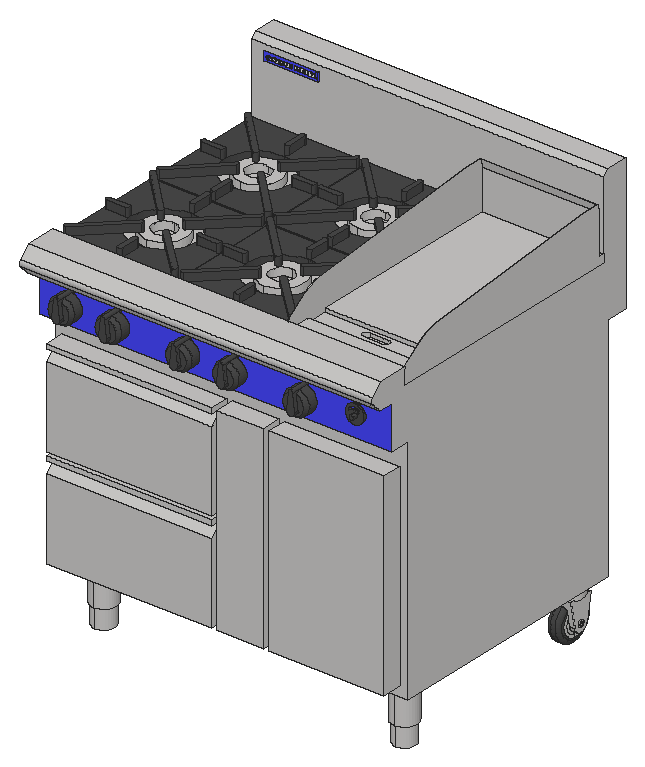
Revit family "QF_MOFFAT_BLUESEAL_CE_G516C-RB", category Specialty Equipment, Revit 2012
Parameters
  Weight in Pounds = 396  # constant formula
  Width [instance] = 900.00 mm  # constant formula
  Watts = 250 W
  Volts = 230 V
  URL Cutsheet = "www.moffat.com"
  URL = "www.moffat.com"
  Type Mark [instance] = ""
  Status [instance] = ""
  Specification by User [instance] = ""
  Specification by Manufacturer = ""
  Show Logo [instance] = yes
  Show Door [instance] = no
  Show Clearance [instance] = yes
  Show Casters [instance] = yes
  Serial Number = ""
  Seismic Rating = ""
  SMACNA No = ""
  Revision Code [instance] = ""
  Refrigerant Type = "R134a"
  Phase = 1
  Omniclass Number and Title = ""
  Number of Poles = 1
  NAFEM Spec ID Number = ""
  Model = "G516C-RB"
  Min Ckt Ampacity = 0 A
  Mechanical Remarks = ""
  Mechanical Connection Type = ""
  Max Overcurrent Protection = 0 A
  Masterspec = ""
  Manufacturer = "MOFFAT BLUESEAL"
  Legs [instance] = not(Show Casters)  # no
  Item Number [instance] = ""
  Installed By [instance] = ""
  Identify Quantity as Lot [instance] = yes
  HP = ""
  Gas Size = 3/4"
  Gas RI Height = 0.00 mm
  Gas KW = 36.6
  Gas Input = 125111.0 Btu/h
  Gas Connection Height = 0.00 mm
  Furnished By [instance] = ""
  Foodservice Equipment Identifier [instance] = yes
  FL Amps = 1.8 A
  Elec Conn RI Height = 0.00 mm
  Elec Conn Connection Height = 0.00 mm
  Drawer Clearance [instance] = and(Show Clearance, and(Drawer))  # yes
  Drawer [instance] = not(Show Door)  # yes
  Door Clearance [instance] = and(Show Clearance, and(Show Door))  # no
  Description = "900MM GAS COOK TOP ON REFRIGERATED BASE"
  Depth [instance] = 812.00 mm  # constant formula
  Cycle = 50 Hz
  Conn Plug = ""
  Conn Conduit = yes
  CSI MasterFormat = ""
  CSI Master Format = ""
  Back Splash [instance] = 215.00 mm  # constant formula
  Apparent Power = if(Phase = 3, Volts * FL Amps * 1.73, Volts * FL Amps)  # 414 VA
Reference planes
  plane 1 "BACK": y = 0
  plane 2: z = 0
  plane 3 "LEFT": x = 0
  plane 4 "RIGHT": x = 900
  plane 5 "FRONT": y = -812
  plane 6 "TOP": z = 970
  plane 7 "Center Y": x = 450
  plane 8 "Center X": y = -406
  plane 9 "Base Height": z = 150
  plane 10: z = 915
  plane 11: x = 65
  plane 12: x = 834
  plane 13: y = -625
  plane 14: x = 770
  plane 15: z = 655
  plane 16: y = -32
  plane 17: x = 617
  plane 18: z = 402
  plane 19: z = 1085
  plane 20: y = -100
Forms (mm)
  Extrusion 1, solid, material "QF_Finishes_Stainless Steel"
    sketch origin (0, 0, 0) x (0, 1, 0) y (0, 0, 1)
      loop
        line (-697, 150) -> (-57, 150) -> (-57, 740) -> (0, 740) -> (0, 1085) -> (-57.5, 1085) -> (-70, 1072.5) -> (-70, 875) -> (-705, 875) -> (-705, 915) -> (-783.97, 915) -> (-808.485, 890.485)
        arc (-808.485, 890.485) -> (-811.999, 882) -> (-808.485, 873.515) r 12
        line (-808.485, 873.515) -> (-784.97, 850) -> (-749, 850) -> (-749, 740) -> (-697, 740) -> (-697, 150)
    from 0 to 900
  Revolve 2, solid, material "QF_Finishes_Stainless Steel", visible <- "Legs"
    sketch origin (834, -210, 0) x (0, 1, 0) y (0, 0, -1)
      loop
        line (78.25, -150) -> (110, -150) -> (110, 0) -> (82.5, 0) -> (82.5, -50) -> (78.25, -50) -> (78.25, -150)
      axis (110, -150) -> (110, 0)
    angle from 0 to 360
  Revolve 3, solid, material "QF_Finishes_Stainless Steel"
    sketch origin (834, -735, 0) x (0, 1, 0) y (0, 0, -1)
      loop
        line (78.25, -150) -> (110, -150) -> (110, 0) -> (82.5, 0) -> (82.5, -50) -> (78.25, -50) -> (78.25, -150)
      axis (110, -150) -> (110, 0)
    angle from 0 to 360
  Revolve 4, solid, material "QF_Finishes_Stainless Steel", visible <- "Legs"
    sketch origin (65, -210, 0) x (0, 1, 0) y (0, 0, -1)
      loop
        line (78.25, -150) -> (110, -150) -> (110, 0) -> (82.5, 0) -> (82.5, -50) -> (78.25, -50) -> (78.25, -150)
      axis (110, -150) -> (110, 0)
    angle from 0 to 360
  Revolve 5, solid, material "QF_Finishes_Stainless Steel"
    sketch origin (65, -735, 0) x (0, 1, 0) y (0, 0, -1)
      loop
        line (78.25, -150) -> (110, -150) -> (110, 0) -> (82.5, 0) -> (82.5, -50) -> (78.25, -50) -> (78.25, -150)
      axis (110, -150) -> (110, 0)
    angle from 0 to 360
  Revolve 6, solid, material "QF_Finishes_Black"
    sketch origin (89.687, 0, 599.987) x (0, 1, 0) y (0, 0, -1)
      loop
        line (-789, -229.5) -> (-766, -229.5) -> (-766, -202) -> (-756, -202) -> (-756, -197) -> (-800, -197) -> (-800, -223.651) -> (-789, -229.5)
      axis (-800, -197) -> (-756, -197)
    angle from 0 to 360
  Extrusion 7, solid, material "QF_Finishes_Black"
    sketch origin (227.957, 0, 600.145) x (-1, 0, 0) y (0, 0, -1)
      loop
        line (127.85, -186.037) -> (133.271, -228.955)
        arc (133.271, -228.955) -> (138.27, -233.842) -> (143.268, -228.955) r 5
        line (143.268, -228.955) -> (148.757, -184.87)
        arc (148.757, -184.87) -> (137.685, -174.371) -> (127.85, -186.037) r 10.487
    from 759 to 808
  Extrusion 8, solid, material "QF_Finishes_Stainless Steel"
    sketch origin (0, -699, 685) x (1, 0, 0) y (0, -1, 0)
      loop
        circle (770, -667) r 13.5
    from -55 to 30
  Extrusion 9, solid, material "QF_Finishes_Stainless Steel"
    sketch origin (0, -57, 685) x (0, 0, 1) y (1, 0, 0)
      loop
        circle (-265, 620) r 13.5
    from 0 to 3.18
  Revolve 10, solid, material "QF_Finishes_Stainless Steel", visible <- "Show Casters"
    sketch origin (485.423, -100.755, -12.798) x (1, 0, 0) y (0, 0, 1)
      loop
        line (314.841, 63.604) -> (383.584, 63.604) -> (383.584, 67.109) -> (382.314, 68.379) -> (380.79, 68.379) -> (380.79, 71.826) -> (368.644, 71.826) -> (368.644, 81.79) -> (365.088, 83.843) -> (363.738, 92.179) -> (365.881, 92.179) -> (365.881, 98.529) -> (365.088, 98.529) -> (365.088, 104.879)
        arc (365.088, 104.879) -> (362.298, 111.614) -> (355.563, 114.404) r 9.525
        line (355.563, 114.404) -> (342.863, 114.404)
        arc (342.863, 114.404) -> (336.127, 111.614) -> (333.338, 104.879) r 9.525
        line (333.338, 104.879) -> (333.338, 98.529) -> (332.544, 98.529) -> (332.544, 92.179) -> (334.687, 92.179) -> (333.352, 83.932) -> (329.782, 81.871) -> (329.782, 71.826) -> (317.635, 71.826) -> (317.635, 68.379) -> (316.111, 68.379) -> (314.841, 67.109) -> (314.841, 63.604)
      axis (314.841, 63.604) -> (383.584, 63.604)
    angle from 0 to 360
  Extrusion 11, solid, material "QF_Finishes_Stainless Steel", visible <- "Show Casters"
    sketch origin (841.147, 132.353, -9.137) x (0, 1, 0) y (0, 0, 1)
      loop
        line (-200.603, 118.783) -> (-264.103, 118.783) -> (-251.746, 53.895)
        arc (-251.746, 53.895) -> (-232.353, 38.783) -> (-212.959, 53.895) r 20
        line (-212.959, 53.895) -> (-200.603, 118.783)
    from -35.667 to 22.923
  Revolve 12, solid, material "QF_Finishes_Stainless Steel", visible <- "Show Casters"
    sketch origin (834.646, -204, -0.354) x (0, 1, 0) y (0, 0, 1)
      loop
        line (68.25, 150) -> (68.25, 110) -> (104, 110) -> (104, 150) -> (68.25, 150)
      axis (104, 150) -> (104, 110)
    angle from 0 to 360
  Revolve 13, solid, material "QF_Finishes_Stainless Steel", visible <- "Show Casters"
    sketch origin (-283.577, -100.755, -12.798) x (1, 0, 0) y (0, 0, 1)
      loop
        line (314.841, 63.604) -> (383.584, 63.604) -> (383.584, 67.109) -> (382.314, 68.379) -> (380.79, 68.379) -> (380.79, 71.826) -> (368.644, 71.826) -> (368.644, 81.79) -> (365.088, 83.843) -> (363.738, 92.179) -> (365.881, 92.179) -> (365.881, 98.529) -> (365.088, 98.529) -> (365.088, 104.879)
        arc (365.088, 104.879) -> (362.298, 111.614) -> (355.563, 114.404) r 9.525
        line (355.563, 114.404) -> (342.863, 114.404)
        arc (342.863, 114.404) -> (336.127, 111.614) -> (333.338, 104.879) r 9.525
        line (333.338, 104.879) -> (333.338, 98.529) -> (332.544, 98.529) -> (332.544, 92.179) -> (334.687, 92.179) -> (333.352, 83.932) -> (329.782, 81.871) -> (329.782, 71.826) -> (317.635, 71.826) -> (317.635, 68.379) -> (316.111, 68.379) -> (314.841, 67.109) -> (314.841, 63.604)
      axis (314.841, 63.604) -> (383.584, 63.604)
    angle from 0 to 360
  Extrusion 14, solid, material "QF_Finishes_Stainless Steel", visible <- "Show Casters"
    sketch origin (72.147, 132.353, -9.137) x (0, 1, 0) y (0, 0, 1)
      loop
        line (-200.603, 118.783) -> (-264.103, 118.783) -> (-251.746, 53.895)
        arc (-251.746, 53.895) -> (-232.353, 38.783) -> (-212.959, 53.895) r 20
        line (-212.959, 53.895) -> (-200.603, 118.783)
    from -35.667 to 22.923
  Revolve 15, solid, material "QF_Finishes_Stainless Steel", visible <- "Show Casters"
    sketch origin (65.646, -204, -0.354) x (0, 1, 0) y (0, 0, 1)
      loop
        line (68.25, 150) -> (68.25, 110) -> (104, 110) -> (104, 150) -> (68.25, 150)
      axis (104, 150) -> (104, 110)
    angle from 0 to 360
  Revolve 16, solid, material "QF_Finishes_Black"
    sketch origin (210, 0, 600) x (0, 1, 0) y (0, 0, -1)
      loop
        line (-789, -229.5) -> (-766, -229.5) -> (-766, -202) -> (-756, -202) -> (-756, -197) -> (-800, -197) -> (-800, -223.651) -> (-789, -229.5)
      axis (-800, -197) -> (-756, -197)
    angle from 0 to 360
  Extrusion 17, solid, material "QF_Finishes_Black"
    sketch origin (348.27, 0, 600.158) x (-1, 0, 0) y (0, 0, -1)
      loop
        line (127.85, -186.037) -> (133.271, -228.955)
        arc (133.271, -228.955) -> (138.27, -233.842) -> (143.268, -228.955) r 5
        line (143.268, -228.955) -> (148.757, -184.87)
        arc (148.757, -184.87) -> (137.685, -174.371) -> (127.85, -186.037) r 10.487
    from 759 to 808
  Revolve 18, solid, material "QF_Finishes_Black"
    sketch origin (389.769, 0, 600) x (0, 1, 0) y (0, 0, -1)
      loop
        line (-789, -229.5) -> (-766, -229.5) -> (-766, -202) -> (-756, -202) -> (-756, -197) -> (-800, -197) -> (-800, -223.651) -> (-789, -229.5)
      axis (-800, -197) -> (-756, -197)
    angle from 0 to 360
  Extrusion 19, solid, material "QF_Finishes_Black"
    sketch origin (528.038, 0, 600.158) x (-1, 0, 0) y (0, 0, -1)
      loop
        line (127.85, -186.037) -> (133.271, -228.955)
        arc (133.271, -228.955) -> (138.27, -233.842) -> (143.268, -228.955) r 5
        line (143.268, -228.955) -> (148.757, -184.87)
        arc (148.757, -184.87) -> (137.685, -174.371) -> (127.85, -186.037) r 10.487
    from 759 to 808
  Revolve 20, solid, material "QF_Finishes_Black"
    sketch origin (689.769, 0, 600) x (0, 1, 0) y (0, 0, -1)
      loop
        line (-789, -229.5) -> (-766, -229.5) -> (-766, -202) -> (-756, -202) -> (-756, -197) -> (-800, -197) -> (-800, -223.651) -> (-789, -229.5)
      axis (-800, -197) -> (-756, -197)
    angle from 0 to 360
  Extrusion 21, solid, material "QF_Finishes_Black"
    sketch origin (828.038, 0, 600.158) x (-1, 0, 0) y (0, 0, -1)
      loop
        line (127.85, -186.037) -> (133.271, -228.955)
        arc (133.271, -228.955) -> (138.27, -233.842) -> (143.268, -228.955) r 5
        line (143.268, -228.955) -> (148.757, -184.87)
        arc (148.757, -184.87) -> (137.685, -174.371) -> (127.85, -186.037) r 10.487
    from 759 to 808
  Extrusion 22, solid, material "QF_Finishes_Black"
    sketch origin (0, -749, 866) x (0, 0, -1) y (1, 0, 0)
      loop
        circle (69, 810) r 23.9
      loop
        arc (57.701, 824.079) -> (51.116, 809.341) -> (58.919, 795.209) r 18.095
        arc (58.919, 795.209) -> (63.641, 796.491) -> (62.326, 801.204) r 3.448
        arc (62.326, 801.204) -> (58.758, 809.683) -> (61.641, 818.419) r 13.109
        arc (61.641, 818.419) -> (62.501, 823.219) -> (57.701, 824.079) r 3.448
    from 0 to 5
  Extrusion 23, solid, material "QF_Finishes_Black"
    sketch origin (0, -754, 866) x (0, 0, -1) y (1, 0, 0)
      loop
        circle (72.5, 810) r 5.75
    from 0 to 10
  Extrusion 24, solid, material "QF_Finishes_Stainless Steel"
    sketch origin (0, 0, 0) x (0, 1, 0) y (0, 0, 1)
      loop
        line (-699, 678) -> (-747, 678) -> (-747, 665) -> (-715.13, 665) -> (-749, 636.579) -> (-749, 431) -> (-699, 431) -> (-699, 678)
      loop
        line (-749, 175) -> (-699, 175) -> (-699, 421) -> (-747, 421) -> (-747, 408) -> (-715.13, 408) -> (-749, 379.579) -> (-749, 175)
    from 17.986 to 440
  Extrusion 25, solid, material "QF_Finishes_Stainless Steel"
    sketch origin (723.5, 0, 0) x (0, 1, 0) y (0, 0, 1)
      loop
        line (-699, 678) -> (-749, 678) -> (-749, 175) -> (-699, 175) -> (-699, 678)
    from -270.5 to -150.5
  Extrusion 26, solid, material "QF_Door-Drawer Clearances", visible <- "Show Clearance", detail levels coarse
    sketch origin (0, -749, 676) x (0, 0, -1) y (1, 0, 0)
      loop
        line (501, 440) -> (255, 440) -> (255, 17.986) -> (501, 17.986) -> (501, 440)
      loop
        line (245, 440) -> (-2, 440) -> (-2, 17.986) -> (245, 17.986) -> (245, 440)
    from 0 to 304.8
  Extrusion 27, solid, material "QF_Finishes_Stainless Steel"
    sketch origin (1031.5, 0, 0) x (0, 1, 0) y (0, 0, 1)
      loop
        line (-699, 678) -> (-749, 678) -> (-749, 175) -> (-699, 175) -> (-699, 678)
    from -444.5 to -150.5
  Revolve 28, solid, material "QF_Finishes_Black"
    sketch origin (510.081, 0, 600.013) x (0, 1, 0) y (0, 0, -1)
      loop
        line (-789, -229.5) -> (-766, -229.5) -> (-766, -202) -> (-756, -202) -> (-756, -197) -> (-800, -197) -> (-800, -223.651) -> (-789, -229.5)
      axis (-800, -197) -> (-756, -197)
    angle from 0 to 360
  Extrusion 29, solid, material "QF_Finishes_Black"
    sketch origin (648.351, 0, 600.171) x (-1, 0, 0) y (0, 0, -1)
      loop
        line (127.85, -186.037) -> (133.271, -228.955)
        arc (133.271, -228.955) -> (138.27, -233.842) -> (143.268, -228.955) r 5
        line (143.268, -228.955) -> (148.757, -184.87)
        arc (148.757, -184.87) -> (137.685, -174.371) -> (127.85, -186.037) r 10.487
    from 759 to 808
Lines and regions (mm)
  Split face 1
    outline origin (0, 612.322, 1085) x (0, -1, 0) y (1, 0, 0)
      loop
        arc (657.707, 566) -> (652.707, 574.66) -> (642.707, 574.66) r 10
        line (642.707, 574.66) -> (635.707, 570.619)
        arc (635.707, 570.619) -> (632.047, 566.959) -> (630.707, 561.959) r 10
        line (630.707, 561.959) -> (630.707, 334)
        arc (630.707, 334) -> (635.707, 325.34) -> (645.707, 325.34) r 10
        line (645.707, 325.34) -> (652.707, 329.381)
        arc (652.707, 329.381) -> (656.368, 333.041) -> (657.707, 338.041) r 10
        line (657.707, 338.041) -> (657.707, 566)
  Split face 2
    outline origin (0, 612.322, 1085) x (0, -1, 0) y (1, 0, 0)
      loop
        arc (630.707, 624) -> (635.707, 615.34) -> (645.707, 615.34) r 10
        line (645.707, 615.34) -> (652.707, 619.381)
        arc (652.707, 619.381) -> (656.368, 623.041) -> (657.707, 628.041) r 10
        line (657.707, 628.041) -> (657.707, 856)
        arc (657.707, 856) -> (652.707, 864.66) -> (642.707, 864.66) r 10
        line (642.707, 864.66) -> (635.707, 860.619)
        arc (635.707, 860.619) -> (632.047, 856.959) -> (630.707, 851.959) r 10
        line (630.707, 851.959) -> (630.707, 624)
  Split face 3
    outline origin (0, 612.322, 1085) x (0, -1, 0) y (1, 0, 0)
      loop
        arc (657.707, 276) -> (652.707, 284.66) -> (642.707, 284.66) r 10
        line (642.707, 284.66) -> (635.707, 280.619)
        arc (635.707, 280.619) -> (632.047, 276.959) -> (630.707, 271.959) r 10
        line (630.707, 271.959) -> (630.707, 44)
        arc (630.707, 44) -> (635.707, 35.34) -> (645.707, 35.34) r 10
        line (645.707, 35.34) -> (652.707, 39.381)
        arc (652.707, 39.381) -> (656.368, 43.041) -> (657.707, 48.041) r 10
        line (657.707, 48.041) -> (657.707, 276)
  Split face 4
    outline origin (1031.5, -749, 676) x (0, 0, -1) y (1, 0, 0)
      loop
        line (291.62, -416.534) -> (481.62, -416.534) -> (481.62, -181.534) -> (291.62, -181.534) -> (291.62, -416.534)
  Split face 5
    outline origin (1031.5, -749, 931) x (0, 0, -1) y (1, 0, 0)
      loop
        line (291.62, -416.534) -> (356.62, -416.534) -> (356.62, -181.534) -> (291.62, -181.534) -> (291.62, -416.534)
  Split face 6
    outline origin (1031.5, -749, 807.725) x (0, 0, -1) y (1, 0, 0)
      loop
        line (307.841, -274.649) -> (342.841, -274.649) -> (342.841, -219.649) -> (307.841, -219.649) -> (307.841, -274.649)
  Split face 7
    outline origin (939.097, -749, 808.536) x (0, 0, -1) y (1, 0, 0)
      loop
        line (307.841, -274.649) -> (342.841, -274.649) -> (342.841, -239.649) -> (307.841, -239.649) -> (307.841, -274.649)
  symbolic lines
    curve 1: line (0, 0, 0) -> (0, -812, 0)
    curve 2: line (900, 0, 0) -> (0, 0, 0)
    curve 3: line (900, -812, 0) -> (900, 0, 0)
    curve 4: line (0, -812, 0) -> (900, -812, 0)
    curve 13: line (0, -783.97, 0) -> (900, -783.97, 0)
    curve 14: line (0, -70, 0) -> (900, -70, 0)
    curve 15: line (334, -18.385, 0) -> (561.959, -18.385, 0)
    curve 16: arc (561.959, -18.385, 0) -> (566.959, -19.725, 0) -> (570.619, -23.385, 0) r 10
    curve 17: line (570.619, -23.385, 0) -> (574.66, -30.385, 0)
    curve 18: arc (574.66, -30.385, 0) -> (574.66, -40.385, 0) -> (566, -45.385, 0) r 10
    curve 19: line (566, -45.385, 0) -> (338.041, -45.385, 0)
    curve 20: arc (338.041, -45.385, 0) -> (333.041, -44.045, 0) -> (329.381, -40.385, 0) r 10
    curve 21: line (329.381, -40.385, 0) -> (325.34, -33.385, 0)
    curve 22: arc (325.34, -33.385, 0) -> (325.34, -23.385, 0) -> (334, -18.385, 0) r 10
    curve 23: line (44, -18.385, 0) -> (271.959, -18.385, 0)
    curve 24: arc (271.959, -18.385, 0) -> (276.959, -19.725, 0) -> (280.619, -23.385, 0) r 10
    curve 25: line (280.619, -23.385, 0) -> (284.66, -30.385, 0)
    curve 26: arc (284.66, -30.385, 0) -> (284.66, -40.385, 0) -> (276, -45.385, 0) r 10
    curve 27: line (276, -45.385, 0) -> (48.041, -45.385, 0)
    curve 28: arc (48.041, -45.385, 0) -> (43.041, -44.045, 0) -> (39.381, -40.385, 0) r 10
    curve 29: line (39.381, -40.385, 0) -> (35.34, -33.385, 0)
    curve 30: arc (35.34, -33.385, 0) -> (35.34, -23.385, 0) -> (44, -18.385, 0) r 10
    curve 31: line (624, -18.385, 0) -> (851.959, -18.385, 0)
    curve 32: arc (851.959, -18.385, 0) -> (856.959, -19.725, 0) -> (860.619, -23.385, 0) r 10
    curve 33: line (860.619, -23.385, 0) -> (864.66, -30.385, 0)
    curve 34: arc (864.66, -30.385, 0) -> (864.66, -40.385, 0) -> (856, -45.385, 0) r 10
    curve 35: line (856, -45.385, 0) -> (628.041, -45.385, 0)
    curve 36: arc (628.041, -45.385, 0) -> (623.041, -44.045, 0) -> (619.381, -40.385, 0) r 10
    curve 37: line (619.381, -40.385, 0) -> (615.34, -33.385, 0)
    curve 38: arc (615.34, -33.385, 0) -> (615.34, -23.385, 0) -> (624, -18.385, 0) r 10
    curve 39: line (0, -57.5, 0) -> (900, -57.5, 0)
  symbolic lines, style "SpecialityEquipmentHiddenLines", visible <- "Show Casters"
    curve 5: line (875.952, -62.61, 0) -> (825.152, -150.598, 0)
    curve 6: line (848.456, -46.735, 0) -> (875.952, -62.61, 0)
    curve 7: line (797.656, -134.723, 0) -> (848.456, -46.735, 0)
    curve 8: line (825.152, -150.598, 0) -> (797.656, -134.723, 0)
    curve 9: line (106.952, -62.61, 0) -> (56.152, -150.598, 0)
    curve 10: line (79.456, -46.735, 0) -> (106.952, -62.61, 0)
    curve 11: line (28.656, -134.723, 0) -> (79.456, -46.735, 0)
    curve 12: line (56.152, -150.598, 0) -> (28.656, -134.723, 0)
  symbolic lines, style "QF_Door-Drawer Clearances"
    curve 40: line (17.986, -1053.8, 0) -> (440, -1053.8, 0)
    curve 41: line (440, -1053.8, 0) -> (440, -812, 0)
    curve 42: line (17.986, -1053.8, 0) -> (17.986, -812, 0)
Dimensions and locks
  equal spacing: plane 3 "LEFT", plane 7 "Center Y", plane 4 "RIGHT"
  "Width": plane 3 "LEFT" to plane 4 "RIGHT"
  equal spacing: plane 5 "FRONT", plane 8 "Center X", plane 1 "BACK"
  "Depth": plane 5 "FRONT" to plane 1 "BACK"
  locked: plane 10 to level at 915
  locked: plane 9 "Base Height" to level at 150
  plane 6 "TOP" to plane 10 = 55.00 mm
  plane 12 to plane 11 = 769.00 mm
  plane 6 "TOP" to level = 970.00 mm
  plane 14 to plane 4 "RIGHT" = 130.00 mm
  plane 15 to level = 655.00 mm
  plane 16 to plane 1 "BACK" = 32.00 mm
  plane 17 to plane 4 "RIGHT" = 283.00 mm
  plane 18 to level = 402.00 mm
  plane 19 to plane 2 = 1085.00 mm
  Revolve 10 sketch curve to Revolve 10 sketch curve = 50.80 mm
  Revolve 13 sketch curve to Revolve 13 sketch curve = 50.80 mm
  plane 2 to Extrusion 9 sketch curve = 420.00 mm
  aligned and locked: level to plane 2
Automatic sketch dimensions
  plane 1 "BACK" to curve 1 = 0.00 mm
  curve 1 to plane 3 "LEFT" = 0.00 mm
  plane 5 "FRONT" to curve 42 = 0.00 mm
  curve 39 to plane 4 "RIGHT" = 0.00 mm
  plane 3 "LEFT" to curve 42 = 17.986 mm
  plane 3 "LEFT" to curve 12 = 28.656 mm
  curve 29 to plane 16 = 1.385 mm
  curve 29 to plane 11 = 29.66 mm
  curve 29 to plane 16 = 8.385 mm
  curve 30 to curve 29 = 4.041 mm
  plane 16 to curve 23 = 13.615 mm
  curve 30 to curve 23 = 8.66 mm
  curve 28 to curve 28 = 8.66 mm
  curve 9 to plane 11 = 8.848 mm
  plane 11 to curve 11 = 14.456 mm
  plane 16 to curve 24 = 3.615 mm
  curve 9 to curve 24 = 165.007 mm
  curve 26 to plane 16 = 3.385 mm
  curve 24 to curve 26 = 4.041 mm
  plane 16 to curve 24 = 8.615 mm
  plane 16 to curve 25 = 1.615 mm
  curve 25 to curve 25 = 4.041 mm
  curve 22 to plane 16 = 1.385 mm
  curve 25 to curve 22 = 40.679 mm
  curve 21 to plane 16 = 8.385 mm
  curve 21 to curve 21 = 4.041 mm
  plane 16 to curve 15 = 13.615 mm
  curve 22 to curve 15 = 8.66 mm
  curve 21 to curve 19 = 8.66 mm
  curve 41 to plane 7 "Center Y" = 10.00 mm
  curve 15 to plane 17 = 55.041 mm
  curve 16 to curve 19 = 4.041 mm
  plane 16 to curve 17 = 8.615 mm
  curve 15 to curve 17 = 8.66 mm
  plane 16 to curve 17 = 1.615 mm
  curve 17 to curve 17 = 4.041 mm
  curve 38 to plane 17 = 1.66 mm
  plane 17 to curve 36 = 2.381 mm
  plane 17 to curve 38 = 7.00 mm
  curve 36 to plane 16 = 3.385 mm
  curve 38 to curve 36 = 4.041 mm
  plane 14 to curve 8 = 27.656 mm
  plane 12 to curve 5 = 8.848 mm
  curve 7 to plane 12 = 14.456 mm
  plane 16 to curve 32 = 3.615 mm
  curve 32 to plane 12 = 17.959 mm
  curve 34 to plane 16 = 3.385 mm
  curve 32 to curve 34 = 4.041 mm  (x2)
  plane 16 to curve 33 = 8.615 mm
  curve 32 to curve 33 = 8.66 mm
  plane 16 to curve 34 = 1.615 mm
  curve 40 to curve 42 = 241.80 mm
  curve 13 to plane 5 "FRONT" = 28.03 mm
  plane 20 to curve 9 = 50.598 mm
  plane 20 to curve 5 = 50.598 mm
  curve 5 to curve 7 = 15.875 mm
  curve 9 to curve 11 = 15.875 mm
  curve 14 to curve 5 = 7.39 mm
  curve 14 to curve 39 = 12.50 mm
  curve 18 to plane 16 = 13.385 mm
  curve 37 to plane 16 = 1.385 mm
  Extrusion 1 sketch curve to plane 10 = 0.00 mm
  Extrusion 1 sketch curve to plane 9 "Base Height" = 0.00 mm
  Extrusion 1 sketch curve to plane 19 = 0.00 mm
  Extrusion 1 sketch curve to plane 1 "BACK" = 0.00 mm
  Extrusion 1 sketch curve to plane 16 = 25.00 mm
  Extrusion 1 sketch curve to plane 16 = 25.50 mm
  Extrusion 1 sketch curve to plane 20 = 30.00 mm
  Extrusion 1 sketch curve to plane 13 = 72.00 mm
  Extrusion 1 sketch curve to plane 13 = 80.00 mm
  Extrusion 1 sketch curve to Extrusion 1 sketch curve = 44.00 mm
  Extrusion 1 sketch curve to plane 5 "FRONT" = 28.03 mm
  Extrusion 1 sketch curve to plane 5 "FRONT" = 27.03 mm
  Extrusion 1 sketch curve to plane 5 "FRONT" = 12.001 mm
  Extrusion 1 sketch curve to plane 5 "FRONT" = 3.515 mm  (x2)
  plane 15 to Extrusion 1 sketch curve = 85.00 mm  (x2)
  Extrusion 1 sketch curve to plane 10 = 65.00 mm
  Extrusion 1 sketch curve to Extrusion 1 sketch curve = 23.515 mm
  Extrusion 1 sketch curve to Extrusion 1 sketch curve = 40.00 mm
  Extrusion 1 sketch curve to Extrusion 1 sketch curve = 8.485 mm
  Extrusion 1 sketch curve to plane 19 = 12.50 mm
  Revolve 2 sketch curve to plane 9 "Base Height" = 0.00 mm
  Revolve 2 sketch curve to level = 0.00 mm
  Revolve 2 sketch curve to plane 20 = 0.00 mm  (x2)
  plane 20 to Revolve 2 sketch curve = 27.50 mm
  plane 20 to Revolve 2 sketch curve = 31.75 mm
  level to Revolve 2 sketch curve = 50.00 mm
  Revolve 2 sketch curve to Revolve 2 sketch curve = 0.00 mm
  Revolve 2 sketch curve to Revolve 2 sketch curve = 55.00 mm
  Revolve 3 sketch curve to plane 9 "Base Height" = 0.00 mm
  Revolve 3 sketch curve to level = 0.00 mm
  Revolve 3 sketch curve to plane 13 = 0.00 mm  (x2)
  Revolve 3 sketch curve to plane 13 = 27.50 mm
  Revolve 3 sketch curve to plane 13 = 31.75 mm
  level to Revolve 3 sketch curve = 50.00 mm
  Revolve 3 sketch curve to Revolve 3 sketch curve = 0.00 mm
  Revolve 3 sketch curve to Revolve 3 sketch curve = 55.00 mm
  Revolve 4 sketch curve to plane 9 "Base Height" = 0.00 mm
  Revolve 4 sketch curve to level = 0.00 mm
  Revolve 4 sketch curve to plane 20 = 0.00 mm  (x2)
  plane 20 to Revolve 4 sketch curve = 27.50 mm
  plane 20 to Revolve 4 sketch curve = 31.75 mm
  level to Revolve 4 sketch curve = 50.00 mm
  Revolve 4 sketch curve to Revolve 4 sketch curve = 0.00 mm
  Revolve 4 sketch curve to Revolve 4 sketch curve = 55.00 mm
  Revolve 5 sketch curve to plane 9 "Base Height" = 0.00 mm
  Revolve 5 sketch curve to level = 0.00 mm
  Revolve 5 sketch curve to plane 13 = 0.00 mm  (x2)
  Revolve 5 sketch curve to plane 13 = 27.50 mm
  Revolve 5 sketch curve to plane 13 = 31.75 mm
  level to Revolve 5 sketch curve = 50.00 mm
  Revolve 5 sketch curve to Revolve 5 sketch curve = 0.00 mm
  Revolve 5 sketch curve to Revolve 5 sketch curve = 55.00 mm
  Revolve 6 sketch curve to plane 5 "FRONT" = 12.00 mm
  Revolve 6 sketch curve to Revolve 6 sketch curve = 0.00 mm  (x2)
  Revolve 6 sketch curve to Revolve 6 sketch curve = 11.00 mm
  Revolve 6 sketch curve to Revolve 6 sketch curve = 12.70 mm
  Revolve 6 sketch curve to Revolve 6 sketch curve = 23.00 mm
  Revolve 6 sketch curve to Revolve 6 sketch curve = 10.00 mm
  Revolve 6 sketch curve to plane 10 = 85.513 mm
  Revolve 6 sketch curve to Revolve 6 sketch curve = 5.849 mm
  Revolve 6 sketch curve to Revolve 6 sketch curve = 27.50 mm
  Revolve 6 sketch curve to Revolve 6 sketch curve = 5.00 mm
  plane 11 to Extrusion 7 sketch curve = 35.106 mm
  plane 11 to Extrusion 7 sketch curve = 29.686 mm
  Extrusion 7 sketch curve to Extrusion 7 sketch curve = 10.419 mm
  Extrusion 7 sketch curve to Extrusion 7 sketch curve = 4.999 mm  (x2)
  Extrusion 7 sketch curve to Extrusion 7 sketch curve = 10.487 mm
  Extrusion 7 sketch curve to plane 10 = 85.899 mm
  Extrusion 7 sketch curve to Extrusion 7 sketch curve = 0.113 mm
  Extrusion 7 sketch curve to Extrusion 7 sketch curve = 42.919 mm
  Extrusion 7 sketch curve to Extrusion 7 sketch curve = 1.167 mm
  Extrusion 8 sketch curve to plane 14 = 0.00 mm
  Extrusion 8 sketch curve to plane 16 = 0.00 mm
  Extrusion 1 to Extrusion 9 sketch curve = 280.00 mm
  plane 14 to Revolve 10 sketch curve = 30.264 mm
  Revolve 10 sketch curve to Revolve 10 sketch curve = 1.27 mm  (x4)
  Revolve 10 sketch curve to Revolve 10 sketch curve = 1.524 mm  (x2)
  Revolve 10 sketch curve to Revolve 10 sketch curve = 12.146 mm  (x2)
  plane 12 to Revolve 10 sketch curve = 16.033 mm
  Revolve 10 sketch curve to Revolve 10 sketch curve = 0.794 mm  (x2)
  Revolve 10 sketch curve to Revolve 10 sketch curve = 3.57 mm
  Revolve 10 sketch curve to Revolve 10 sketch curve = 2.143 mm
  plane 12 to Revolve 10 sketch curve = 5.715 mm
  Revolve 10 sketch curve to plane 12 = 5.776 mm
  Revolve 10 sketch curve to plane 12 = 6.985 mm
  Revolve 10 sketch curve to Revolve 10 sketch curve = 8.176 mm
  Revolve 10 sketch curve to Revolve 10 sketch curve = 1.349 mm  (x2)
  Revolve 10 sketch curve to Revolve 10 sketch curve = 3.556 mm
  Revolve 10 sketch curve to plane 4 "RIGHT" = 2.327 mm
  level to Revolve 10 sketch curve = 50.806 mm
  Revolve 10 sketch curve to Revolve 10 sketch curve = 0.00 mm
  Revolve 10 sketch curve to Revolve 10 sketch curve = 3.505 mm  (x2)
  Revolve 10 sketch curve to Revolve 10 sketch curve = 3.447 mm  (x2)
  Revolve 10 sketch curve to Revolve 10 sketch curve = 9.964 mm
  Revolve 10 sketch curve to Revolve 10 sketch curve = 10.045 mm
  Revolve 10 sketch curve to Revolve 10 sketch curve = 2.053 mm
  Revolve 10 sketch curve to Revolve 10 sketch curve = 2.061 mm
  Revolve 10 sketch curve to Revolve 10 sketch curve = 8.247 mm
  Revolve 10 sketch curve to Revolve 10 sketch curve = 8.336 mm
  Revolve 10 sketch curve to Revolve 10 sketch curve = 6.35 mm  (x2)
  Extrusion 11 sketch curve to plane 20 = 0.00 mm
  plane 20 to Extrusion 11 sketch curve = 19.393 mm
  plane 20 to Extrusion 11 sketch curve = 31.75 mm
  Extrusion 11 sketch curve to plane 20 = 19.393 mm
  Extrusion 11 sketch curve to plane 20 = 31.75 mm
  level to Extrusion 11 sketch curve = 44.758 mm
  Extrusion 11 sketch curve to Extrusion 11 sketch curve = 4.889 mm
  Extrusion 11 sketch curve to plane 9 "Base Height" = 40.354 mm
  Revolve 12 sketch curve to plane 20 = 0.00 mm  (x2)
  Revolve 12 sketch curve to plane 9 "Base Height" = 0.354 mm
  Revolve 12 sketch curve to Revolve 12 sketch curve = 35.75 mm
  Revolve 12 sketch curve to Revolve 12 sketch curve = 40.00 mm
  level to Revolve 12 sketch curve = 49.646 mm
  Revolve 12 sketch curve to level = 55.354 mm
  plane 3 "LEFT" to Revolve 13 sketch curve = 31.264 mm
  Revolve 13 sketch curve to Revolve 13 sketch curve = 1.27 mm  (x4)
  Revolve 13 sketch curve to Revolve 13 sketch curve = 1.524 mm  (x2)
  Revolve 13 sketch curve to Revolve 13 sketch curve = 12.146 mm  (x2)
  Revolve 13 sketch curve to plane 11 = 16.033 mm
  Revolve 13 sketch curve to Revolve 13 sketch curve = 0.794 mm  (x2)
  Revolve 13 sketch curve to Revolve 13 sketch curve = 3.57 mm
  Revolve 13 sketch curve to Revolve 13 sketch curve = 2.143 mm
  Revolve 13 sketch curve to plane 11 = 5.715 mm
  plane 11 to Revolve 13 sketch curve = 5.776 mm
  plane 11 to Revolve 13 sketch curve = 6.985 mm
  Revolve 13 sketch curve to Revolve 13 sketch curve = 8.176 mm
  Revolve 13 sketch curve to Revolve 13 sketch curve = 1.349 mm  (x2)
  Revolve 13 sketch curve to Revolve 13 sketch curve = 3.556 mm
  Revolve 13 sketch curve to Revolve 13 sketch curve = 33.32 mm
  level to Revolve 13 sketch curve = 50.806 mm
  Revolve 13 sketch curve to Revolve 13 sketch curve = 0.00 mm
  Revolve 13 sketch curve to Revolve 13 sketch curve = 3.505 mm  (x2)
  Revolve 13 sketch curve to Revolve 13 sketch curve = 3.447 mm  (x2)
  Revolve 13 sketch curve to Revolve 13 sketch curve = 9.964 mm
  Revolve 13 sketch curve to Revolve 13 sketch curve = 10.045 mm
  Revolve 13 sketch curve to Revolve 13 sketch curve = 2.053 mm
  Revolve 13 sketch curve to Revolve 13 sketch curve = 2.061 mm
  Revolve 13 sketch curve to Revolve 13 sketch curve = 8.247 mm
  Revolve 13 sketch curve to Revolve 13 sketch curve = 8.336 mm
  Revolve 13 sketch curve to Revolve 13 sketch curve = 6.35 mm  (x2)
  Extrusion 14 sketch curve to plane 20 = 0.00 mm
  plane 20 to Extrusion 14 sketch curve = 19.393 mm
  plane 20 to Extrusion 14 sketch curve = 31.75 mm
  Extrusion 14 sketch curve to plane 20 = 19.393 mm
  Extrusion 14 sketch curve to plane 20 = 31.75 mm
  level to Extrusion 14 sketch curve = 44.758 mm
  Extrusion 14 sketch curve to Extrusion 14 sketch curve = 4.889 mm
  Extrusion 14 sketch curve to plane 9 "Base Height" = 40.354 mm
  Revolve 15 sketch curve to plane 20 = 0.00 mm  (x2)
  Revolve 15 sketch curve to plane 9 "Base Height" = 0.354 mm
  plane 20 to Revolve 15 sketch curve = 35.75 mm
  Revolve 15 sketch curve to Revolve 15 sketch curve = 40.00 mm
  level to Revolve 15 sketch curve = 49.646 mm
  Revolve 15 sketch curve to level = 55.354 mm
  Split face 1 sketch curve to Extrusion 1 = 18.385 mm
  Split face 1 sketch curve to Split face 1 sketch curve = 5.00 mm  (x2)
  Split face 1 sketch curve to Split face 1 sketch curve = 10.00 mm  (x3)
  Split face 1 sketch curve to Split face 1 sketch curve = 7.00 mm  (x4)
  Split face 1 sketch curve to Extrusion 1 = 325.34 mm
  Split face 1 sketch curve to Split face 1 sketch curve = 4.041 mm  (x2)
  Split face 1 sketch curve to Split face 1 sketch curve = 223.917 mm
  Split face 2 sketch curve to Extrusion 1 = 18.385 mm
  Split face 2 sketch curve to Split face 2 sketch curve = 5.00 mm  (x2)
  Split face 2 sketch curve to Split face 2 sketch curve = 10.00 mm  (x3)
  Split face 2 sketch curve to Split face 2 sketch curve = 7.00 mm  (x4)
  Split face 2 sketch curve to Extrusion 1 = 284.66 mm
  Split face 2 sketch curve to Split face 2 sketch curve = 4.041 mm  (x2)
  Split face 2 sketch curve to Extrusion 1 = 48.041 mm
  Split face 3 sketch curve to Extrusion 1 = 18.385 mm
  Split face 3 sketch curve to Split face 3 sketch curve = 5.00 mm  (x2)
  Split face 3 sketch curve to Split face 3 sketch curve = 10.00 mm  (x3)
  Split face 3 sketch curve to Split face 3 sketch curve = 7.00 mm  (x4)
  Split face 3 sketch curve to Extrusion 1 = 35.34 mm
  Split face 3 sketch curve to Split face 3 sketch curve = 4.041 mm  (x2)
  Split face 3 sketch curve to Split face 3 sketch curve = 223.917 mm
  Revolve 16 sketch curve to plane 5 "FRONT" = 12.00 mm
  Revolve 16 sketch curve to Revolve 16 sketch curve = 0.00 mm  (x2)
  Revolve 16 sketch curve to Revolve 16 sketch curve = 11.00 mm
  Revolve 16 sketch curve to Revolve 16 sketch curve = 12.70 mm
  Revolve 16 sketch curve to Revolve 16 sketch curve = 23.00 mm
  Revolve 16 sketch curve to Revolve 16 sketch curve = 10.00 mm
  Revolve 16 sketch curve to plane 10 = 85.50 mm
  Revolve 16 sketch curve to Revolve 16 sketch curve = 5.849 mm
  Revolve 16 sketch curve to Revolve 16 sketch curve = 27.50 mm
  Revolve 16 sketch curve to Revolve 16 sketch curve = 5.00 mm
  plane 11 to Extrusion 17 sketch curve = 155.419 mm
  Extrusion 17 sketch curve to Extrusion 17 sketch curve = 5.421 mm
  Extrusion 17 sketch curve to Extrusion 17 sketch curve = 10.419 mm
  Extrusion 17 sketch curve to Extrusion 17 sketch curve = 4.999 mm  (x2)
  Extrusion 17 sketch curve to plane 10 = 85.887 mm
  Extrusion 17 sketch curve to Extrusion 17 sketch curve = 10.487 mm
  Extrusion 17 sketch curve to Extrusion 17 sketch curve = 0.113 mm
  Extrusion 17 sketch curve to Extrusion 17 sketch curve = 42.919 mm
  Extrusion 17 sketch curve to Extrusion 17 sketch curve = 1.167 mm
  Revolve 18 sketch curve to plane 5 "FRONT" = 12.00 mm
  Revolve 18 sketch curve to Revolve 18 sketch curve = 0.00 mm  (x2)
  Revolve 18 sketch curve to Revolve 18 sketch curve = 11.00 mm
  Revolve 18 sketch curve to Revolve 18 sketch curve = 12.70 mm
  Revolve 18 sketch curve to Revolve 18 sketch curve = 23.00 mm
  Revolve 18 sketch curve to Revolve 18 sketch curve = 10.00 mm
  Revolve 18 sketch curve to plane 10 = 85.50 mm
  Revolve 18 sketch curve to Revolve 18 sketch curve = 5.849 mm
  Revolve 18 sketch curve to Revolve 18 sketch curve = 27.50 mm
  Revolve 18 sketch curve to Revolve 18 sketch curve = 5.00 mm
  Extrusion 19 sketch curve to plane 7 "Center Y" = 49.812 mm
  Extrusion 19 sketch curve to Extrusion 19 sketch curve = 5.421 mm
  Extrusion 19 sketch curve to Extrusion 19 sketch curve = 10.419 mm
  Extrusion 19 sketch curve to Extrusion 19 sketch curve = 4.999 mm  (x2)
  Extrusion 19 sketch curve to Extrusion 19 sketch curve = 10.487 mm
  Extrusion 19 sketch curve to plane 10 = 85.887 mm
  Extrusion 19 sketch curve to Extrusion 19 sketch curve = 0.113 mm
  Extrusion 19 sketch curve to Extrusion 19 sketch curve = 42.919 mm
  Extrusion 19 sketch curve to Extrusion 19 sketch curve = 1.167 mm
  Revolve 20 sketch curve to plane 5 "FRONT" = 12.00 mm
  Revolve 20 sketch curve to Revolve 20 sketch curve = 0.00 mm  (x2)
  Revolve 20 sketch curve to Revolve 20 sketch curve = 11.00 mm
  Revolve 20 sketch curve to Revolve 20 sketch curve = 12.70 mm
  Revolve 20 sketch curve to Revolve 20 sketch curve = 23.00 mm
  Revolve 20 sketch curve to Revolve 20 sketch curve = 10.00 mm
  Revolve 20 sketch curve to plane 10 = 85.50 mm
  Revolve 20 sketch curve to Revolve 20 sketch curve = 5.849 mm
  Revolve 20 sketch curve to Revolve 20 sketch curve = 27.50 mm
  Revolve 20 sketch curve to Revolve 20 sketch curve = 5.00 mm
  Extrusion 21 sketch curve to plane 14 = 69.812 mm
  Extrusion 21 sketch curve to Extrusion 21 sketch curve = 5.421 mm
  Extrusion 21 sketch curve to Extrusion 21 sketch curve = 10.419 mm
  Extrusion 21 sketch curve to Extrusion 21 sketch curve = 4.999 mm  (x2)
  Extrusion 21 sketch curve to Extrusion 21 sketch curve = 10.487 mm
  Extrusion 21 sketch curve to plane 10 = 85.887 mm
  Extrusion 21 sketch curve to Extrusion 21 sketch curve = 0.113 mm
  Extrusion 21 sketch curve to Extrusion 21 sketch curve = 42.919 mm
  Extrusion 21 sketch curve to Extrusion 21 sketch curve = 1.167 mm
  Extrusion 22 sketch curve to Extrusion 1 = 41.701 mm
  Extrusion 22 sketch curve to Extrusion 22 sketch curve = 1.218 mm
  Extrusion 22 sketch curve to Extrusion 22 sketch curve = 1.97 mm  (x2)
  Extrusion 22 sketch curve to Extrusion 22 sketch curve = 1.724 mm
  Extrusion 22 sketch curve to Extrusion 22 sketch curve = 1.683 mm
  Extrusion 22 sketch curve to Extrusion 22 sketch curve = 6.674 mm
  Extrusion 22 sketch curve to Extrusion 22 sketch curve = 0.195 mm
  Extrusion 22 sketch curve to Extrusion 22 sketch curve = 2.662 mm
  Extrusion 1 to Extrusion 22 sketch curve = 104.791 mm
  Extrusion 22 sketch curve to Extrusion 22 sketch curve = 2.986 mm
  Extrusion 22 sketch curve to Extrusion 22 sketch curve = 8.796 mm
  Extrusion 22 sketch curve to Extrusion 22 sketch curve = 0.103 mm
  Extrusion 22 sketch curve to Extrusion 22 sketch curve = 0.102 mm
  Extrusion 24 sketch curve to plane 15 = 18.421 mm
  Extrusion 24 sketch curve to plane 5 "FRONT" = 63.00 mm  (x2)
  plane 9 "Base Height" to Extrusion 24 sketch curve = 25.00 mm
  plane 18 to Extrusion 24 sketch curve = 6.00 mm
  Extrusion 24 sketch curve to Extrusion 24 sketch curve = 2.00 mm  (x2)
  plane 15 to Extrusion 24 sketch curve = 10.00 mm
  Extrusion 24 sketch curve to Extrusion 24 sketch curve = 31.87 mm  (x2)
  Extrusion 24 sketch curve to Extrusion 24 sketch curve = 50.00 mm
  Extrusion 24 sketch curve to Extrusion 24 sketch curve = 0.00 mm
  Extrusion 24 sketch curve to plane 18 = 22.421 mm
  plane 18 to Extrusion 24 sketch curve = 19.00 mm
  Extrusion 24 sketch curve to Extrusion 24 sketch curve = 10.00 mm
  Extrusion 24 sketch curve to Extrusion 24 sketch curve = 13.00 mm
  plane 9 "Base Height" to Extrusion 25 sketch curve = 25.00 mm
  Extrusion 25 sketch curve to plane 5 "FRONT" = 63.00 mm
  Extrusion 25 sketch curve to Extrusion 25 sketch curve = 50.00 mm
  plane 15 to Extrusion 25 sketch curve = 23.00 mm
  Extrusion 26 sketch curve to Extrusion 24 = 0.00 mm  (x3)
  Extrusion 24 to Extrusion 26 sketch curve = 0.00 mm  (x2)
  Extrusion 24 to Extrusion 26 sketch curve = 41.421 mm
  Extrusion 24 to Extrusion 26 sketch curve = 10.00 mm
  Extrusion 26 sketch curve to Extrusion 26 sketch curve = 246.00 mm
  plane 9 "Base Height" to Extrusion 27 sketch curve = 25.00 mm
  Extrusion 27 sketch curve to plane 5 "FRONT" = 63.00 mm
  Extrusion 27 sketch curve to Extrusion 27 sketch curve = 50.00 mm
  plane 15 to Extrusion 27 sketch curve = 23.00 mm
  Split face 4 sketch curve to Extrusion 27 = 31.034 mm
  Split face 4 sketch curve to Extrusion 27 = 209.38 mm
  Split face 4 sketch curve to Extrusion 27 = 19.38 mm
  Split face 4 sketch curve to Extrusion 27 = 27.966 mm
  Split face 5 sketch curve to Extrusion 27 = 38.62 mm
  Split face 5 sketch curve to Extrusion 27 = 27.966 mm
  Split face 5 sketch curve to Split face 5 sketch curve = 65.00 mm
  Split face 5 sketch curve to Extrusion 27 = 31.034 mm
  Split face 6 sketch curve to Extrusion 27 = 69.149 mm
  Split face 6 sketch curve to Extrusion 27 = 178.116 mm
  Split face 6 sketch curve to Split face 6 sketch curve = 35.00 mm
  Split face 6 sketch curve to Split face 6 sketch curve = 55.00 mm
  Split face 7 sketch curve to Extrusion 27 = 177.305 mm
  Split face 7 sketch curve to Split face 7 sketch curve = 35.00 mm  (x2)
  Split face 7 sketch curve to Extrusion 27 = 77.448 mm
  Revolve 28 sketch curve to plane 5 "FRONT" = 12.00 mm
  Revolve 28 sketch curve to Revolve 28 sketch curve = 0.00 mm  (x2)
  Revolve 28 sketch curve to Revolve 28 sketch curve = 11.00 mm
  Revolve 28 sketch curve to Revolve 28 sketch curve = 12.70 mm
  Revolve 28 sketch curve to Revolve 28 sketch curve = 23.00 mm
  Revolve 28 sketch curve to Revolve 28 sketch curve = 10.00 mm
  Revolve 28 sketch curve to plane 10 = 85.487 mm
  Revolve 28 sketch curve to Revolve 28 sketch curve = 5.849 mm
  Revolve 28 sketch curve to Revolve 28 sketch curve = 27.50 mm
  Revolve 28 sketch curve to Revolve 28 sketch curve = 5.00 mm
  plane 7 "Center Y" to Extrusion 29 sketch curve = 70.501 mm
  Extrusion 29 sketch curve to Extrusion 29 sketch curve = 5.421 mm
  Extrusion 29 sketch curve to Extrusion 29 sketch curve = 10.419 mm
  Extrusion 29 sketch curve to Extrusion 29 sketch curve = 4.999 mm  (x2)
  Extrusion 29 sketch curve to Extrusion 29 sketch curve = 10.487 mm
  Extrusion 29 sketch curve to plane 10 = 85.874 mm
  Extrusion 29 sketch curve to Extrusion 29 sketch curve = 0.113 mm
  Extrusion 29 sketch curve to Extrusion 29 sketch curve = 42.919 mm
  Extrusion 29 sketch curve to Extrusion 29 sketch curve = 1.167 mm
  radius of Extrusion 8 sketch curve = 13.50 mm
  radius of Extrusion 9 sketch curve = 13.50 mm
  radius of Extrusion 22 sketch curve = 23.90 mm
  radius of Extrusion 23 sketch curve = 5.75 mm
Nested families
  nested 1: "WALDORF LOGO_FACE BASE" at (32, -70, 1056.885) x (1, 0, 0) z (0, -1, 0), visible <- "Show Logo", type "WALDORF LOGO_FACE BASE", detail levels medium+fine
    with Show Logo yes
  nested 2: "GAS BURNER 600 & GRIDDLE 300" at (0, -70.003, 875), type "GAS BURNER 600 & GRIDDLE 300"
    with Width 900.00 mm, Type Mark "", Status "", Specification by User "", Revision Code "", Item Number "", Installed By "", Identify Quantity as Lot yes, Furnished By "", Foodservice Equipment Identifier yes, Depth 635.00 mm
Connectors
  piping at (770, -32, 655)
    settings: on Extrusion 8, index 1, connector radius 0.37402", flow factor 0, pipe flow 0 GPM, pressure drop 0.00 psi, fitting loss kfactor 0, connector angle 0.00°, fixture units 0, engagement length 0.00 mm, flow configuration 1, flow direction 1, fitting loss method 0, system type 7, joint type 0, gender type 0, connector reference index -1, connector utility 0, adjustable connector no, is connector primary yes, fitting loss table "", connector description "GAS CONNECTION"
  electrical at (620, -53.82, 420), driven by "Volts", driven by "Watts"
    settings: on Extrusion 9, index 2, voltage 230 V, apparent load 250 VA, apparent load phase1 0 VA, apparent load phase2 0 VA, apparent load phase3 0 VA, power factor 1, load classification "Other", number of poles 1, system type 30, power factor state 1, is connector primary yes, connector utility no, sub classification motor no, connector description "ELECTRICAL CONNECTION"
Definition of nested family "WALDORF LOGO_FACE BASE"
  Parameters (values of type "WALDORF LOGO_FACE BASE")
    Show Logo [instance] = yes
    Default Elevation = 1219.20 mm
  Reference planes
    plane 1 "Center (Front/Back)": y = 0
    plane 2: z = 0
    plane 3 "Center (Left/Right)": x = 0
  Forms (mm)
    Extrusion 1, solid
      sketch origin (0, 0, 0) x (1, 0, 0) y (0, 1, 0)
        loop
          line (-1219.2, 1219.2) -> (-1219.2, -1219.2) -> (1219.2, -1219.2) -> (1219.2, 1219.2) -> (-1219.2, 1219.2)
      from 0 to -304.8
    Extrusion 2, solid, material "QF_Finishes_Blue", visible <- "Show Logo"
      sketch origin (0, -33.217, 0) x (1, 0, 0) y (0, 1, 0)
        loop
          arc (138, 31.942) -> (137.626, 32.844) -> (136.724, 33.217) r 1.276
          line (136.724, 33.217) -> (1.29, 33.217)
          arc (1.29, 33.217) -> (0.378, 32.839) -> (0, 31.927) r 1.29
          line (0, 31.927) -> (0, 11.507)
          arc (0, 11.507) -> (0.378, 10.595) -> (1.29, 10.217) r 1.29
          line (1.29, 10.217) -> (136.71, 10.217)
          arc (136.71, 10.217) -> (137.622, 10.595) -> (138, 11.507) r 1.29
          line (138, 11.507) -> (138, 31.942)
      from 0 to 1.588
    Extrusion 3, solid, material "QF_Finishes_White", visible <- "Show Logo"
      sketch origin (0, -33.217, 1.588) x (1, 0, 0) y (0, 1, 0)
        loop
          arc (108.946, 25.919) -> (107.613, 25.367) -> (107.061, 24.034) r 1.885
          line (107.061, 24.034) -> (107.061, 17.211) -> (112.704, 17.211) -> (112.704, 19.129) -> (115.546, 19.129) -> (115.546, 17.211) -> (121.584, 17.211) -> (121.584, 24.075)
          arc (121.584, 24.075) -> (121.043, 25.379) -> (119.739, 25.919) r 1.845
          line (119.739, 25.919) -> (108.946, 25.919)
        loop
          line (123.478, 25.919) -> (123.478, 17.163) -> (134.904, 17.163) -> (134.904, 19.129) -> (129.246, 19.129) -> (129.246, 25.919) -> (123.478, 25.919)
        loop
          line (112.704, 21.258) -> (115.546, 21.258) -> (115.546, 22.702)
          arc (115.546, 22.702) -> (115.344, 23.188) -> (114.858, 23.389) r 0.687
          line (114.858, 23.389) -> (113.363, 23.389)
          arc (113.363, 23.389) -> (112.897, 23.196) -> (112.704, 22.73) r 0.658
          line (112.704, 22.73) -> (112.704, 21.258)
        loop
          line (105.071, 25.919) -> (93.771, 25.919) -> (93.771, 17.163) -> (105.071, 17.163) -> (105.071, 19.063) -> (99.535, 19.063) -> (99.535, 20.437) -> (105.071, 20.437) -> (105.071, 22.278) -> (99.535, 22.278) -> (99.535, 23.587) -> (105.071, 23.587) -> (105.071, 25.919)
        loop
          line (91.104, 25.919) -> (79.541, 25.919)
          arc (79.541, 25.919) -> (78.558, 25.513) -> (78.152, 24.53) r 1.389
          line (78.152, 24.53) -> (78.152, 22.08)
          arc (78.152, 22.08) -> (78.558, 21.098) -> (79.541, 20.691) r 1.389
          line (79.541, 20.691) -> (86.346, 20.691) -> (86.346, 18.864) -> (83.266, 18.864) -> (83.266, 19.664) -> (78.152, 19.664) -> (78.152, 18.553)
          arc (78.152, 18.553) -> (78.558, 17.57) -> (79.541, 17.163) r 1.389
          line (79.541, 17.163) -> (91.063, 17.163)
          arc (91.063, 17.163) -> (92.045, 17.57) -> (92.452, 18.553) r 1.389
          line (92.452, 18.553) -> (92.452, 20.691)
          arc (92.452, 20.691) -> (92.045, 21.673) -> (91.063, 22.08) r 1.389
          line (91.063, 22.08) -> (83.266, 22.08) -> (83.266, 23.984) -> (86.346, 23.984) -> (86.346, 22.743) -> (92.452, 22.743) -> (92.452, 24.571)
          arc (92.452, 24.571) -> (92.057, 25.524) -> (91.104, 25.919) r 1.348
        loop
          line (70.705, 25.919) -> (59.405, 25.919) -> (59.405, 17.163) -> (70.705, 17.163) -> (70.705, 19.063) -> (65.169, 19.063) -> (65.169, 20.437) -> (70.705, 20.437) -> (70.705, 22.278) -> (65.169, 22.278) -> (65.169, 23.587) -> (70.705, 23.587) -> (70.705, 25.919)
        loop
          line (57.598, 25.919) -> (51.7, 25.919) -> (51.7, 20.18)
          arc (51.7, 20.18) -> (50.63, 19.11) -> (49.56, 20.18) r 1.07
          line (49.56, 20.18) -> (49.56, 25.919) -> (43.663, 25.919) -> (43.663, 19.049)
          arc (43.663, 19.049) -> (44.215, 17.716) -> (45.548, 17.163) r 1.885
          line (45.548, 17.163) -> (55.71, 17.163)
          arc (55.71, 17.163) -> (57.045, 17.716) -> (57.598, 19.051) r 1.887
          line (57.598, 19.051) -> (57.598, 25.919)
        loop
          line (31.62, 25.919) -> (31.62, 17.163) -> (43.046, 17.163) -> (43.046, 19.129) -> (37.388, 19.129) -> (37.388, 25.919) -> (31.62, 25.919)
        loop
          line (15.969, 25.919) -> (15.969, 17.163) -> (28.693, 17.163)
          arc (28.693, 17.163) -> (29.812, 17.627) -> (30.276, 18.746) r 1.582
          line (30.276, 18.746) -> (30.276, 20.447) -> (29.48, 21.243) -> (30.276, 22.039) -> (30.276, 24.332)
          arc (30.276, 24.332) -> (29.811, 25.454) -> (28.688, 25.919) r 1.587
          line (28.688, 25.919) -> (15.969, 25.919)
        loop
          line (21.449, 24.159) -> (21.449, 22.436) -> (23.862, 22.436)
          arc (23.862, 22.436) -> (24.723, 23.298) -> (23.862, 24.159) r 0.861
          line (23.862, 24.159) -> (21.449, 24.159)
        loop
          line (21.449, 20.244) -> (21.449, 18.522) -> (23.862, 18.522)
          arc (23.862, 18.522) -> (24.723, 19.383) -> (23.862, 20.244) r 0.861
          line (23.862, 20.244) -> (21.449, 20.244)
      from 0 to 0.2
    Extrusion 4, solid, material "QF_Finishes_Blue", visible <- "Show Logo"
      sketch origin (-126.498, -31.09, 1.588) x (1, 0, 0) y (0, 1, 0)
        loop
          line (136.738, 23.522) -> (136.738, 15.1)
          arc (136.738, 15.1) -> (140.756, 19.311) -> (136.738, 23.522) r 4.216
      from 0 to 0.2
    Extrusion 5, solid, material "QF_Finishes_Red", visible <- "Show Logo"
      sketch origin (146.849, -31.09, 1.588) x (-1, 0, 0) y (0, -1, 0)
        loop
          arc (136.738, -23.522) -> (140.756, -19.311) -> (136.738, -15.1) r 4.216
          line (136.738, -15.1) -> (136.738, -23.522)
      from 0 to 0.2
  Lines and regions (mm)
    Split face 1
      outline origin (-90.35, -30.793, 1.588) x (1, 0, 0) y (0, 1, 0)
        loop
          circle (100.54, 19.013) r 4.536
  Dimensions and locks
    aligned and locked: plane 2 to Extrusion 1
    aligned and locked: level to Extrusion 1
Definition of nested family "GAS BURNER 600 & GRIDDLE 300"
  Parameters (values of type "GAS BURNER 600 & GRIDDLE 300")
    Width [instance] = 900.00 mm
    Weight in Pounds = 0
    URL Cutsheet = ""
    Type Mark [instance] = ""
    Status [instance] = ""
    Specification by User [instance] = ""
    Specification by Manufacturer = ""
    Serial Number = ""
    Seismic Rating = ""
    SMACNA No = ""
    Revision Code [instance] = ""
    Omniclass Number and Title = ""
    NAFEM Spec ID Number = ""
    Masterspec = ""
    Item Number [instance] = ""
    Installed By [instance] = ""
    Identify Quantity as Lot [instance] = yes
    Furnished By [instance] = ""
    Foodservice Equipment Identifier [instance] = yes
    Depth [instance] = 635.00 mm
    CSI MasterFormat = ""
    CSI Master Format = ""
  Reference planes
    plane 1 "BACK": y = 0
    plane 2: z = 0
    plane 3 "LEFT": x = 0
    plane 4 "RIGHT": x = 900
    plane 5 "FRONT": y = -635
    plane 6 "TOP": z = 142.5
    plane 7 "Center Y": x = 450
    plane 8 "Center X": y = -317.5
  Dimensions and locks
    equal spacing: plane 3 "LEFT", plane 7 "Center Y", plane 4 "RIGHT"
    "Width": plane 3 "LEFT" to plane 4 "RIGHT"
    equal spacing: plane 5 "FRONT", plane 8 "Center X", plane 1 "BACK"
    "Depth": plane 5 "FRONT" to plane 1 "BACK"
    aligned and locked: level to plane 2
  Nested families
    nested 1: "GAS BURNER 600" at (0, 0, 0), type "GAS BURNER 600"
      with Width 600.00 mm, Type Mark "", Status "", Specification by User "", Revision Code "", Item Number "", Installed By "", Identify Quantity as Lot yes, Furnished By "", Foodservice Equipment Identifier yes, Depth 635.00 mm
    nested 2: "GAS GRIDDLE PLATE 300" at (600, -15, 0), type "GAS GRIDDLE PLATE 300"
      with Width 300.00 mm, Type Mark "", Status "", Specification by User "", Revision Code "", Item Number "", Installed By "", Identify Quantity as Lot yes, Furnished By "", Foodservice Equipment Identifier yes, Depth 620.00 mm
  Definition of nested family "GAS BURNER 600"
    Parameters (values of type "GAS BURNER 600")
      Width [instance] = 600.00 mm
      Weight in Pounds = 0
      URL Cutsheet = ""
      Type Mark [instance] = ""
      Status [instance] = ""
      Specification by User [instance] = ""
      Specification by Manufacturer = ""
      Serial Number = ""
      Seismic Rating = ""
      SMACNA No = ""
      Revision Code [instance] = ""
      Omniclass Number and Title = ""
      NAFEM Spec ID Number = ""
      Masterspec = ""
      Item Number [instance] = ""
      Installed By [instance] = ""
      Identify Quantity as Lot [instance] = yes
      Furnished By [instance] = ""
      Foodservice Equipment Identifier [instance] = yes
      Depth [instance] = 635.00 mm
      CSI MasterFormat = ""
      CSI Master Format = ""
    Reference planes
      plane 1 "BACK": y = 0
      plane 2: z = 0
      plane 3 "LEFT": x = 0
      plane 4 "RIGHT": x = 600
      plane 5 "FRONT": y = -635
      plane 6 "TOP": z = 142.5
      plane 7 "Center Y": x = 300
      plane 8 "Center X": y = -317.5
    Forms (mm)
      Extrusion 1, solid, material "QF_Finishes_Black"
        sketch origin (0, 0, 0) x (0, -1, 0) y (1, 0, 0)
          loop
            line (318.5, 4) -> (318.5, 296)
            arc (318.5, 296) -> (317.621, 298.121) -> (315.5, 299) r 3
            line (315.5, 299) -> (3, 299)
            arc (3, 299) -> (0.879, 298.121) -> (0, 296) r 3
            line (0, 296) -> (0, 4)
            arc (0, 4) -> (0.879, 1.879) -> (3, 1) r 3
            line (3, 1) -> (315.5, 1)
            arc (315.5, 1) -> (317.621, 1.879) -> (318.5, 4) r 3
          loop
            line (324.5, 1) -> (632, 1)
            arc (632, 1) -> (634.121, 1.879) -> (635, 4) r 3
            line (635, 4) -> (635, 296)
            arc (635, 296) -> (634.121, 298.121) -> (632, 299) r 3
            line (632, 299) -> (324.5, 299)
            arc (324.5, 299) -> (322.379, 298.121) -> (321.5, 296) r 3
            line (321.5, 296) -> (321.5, 4)
            arc (321.5, 4) -> (322.379, 1.879) -> (324.5, 1) r 3
          loop
            circle (168.5, 149.991) r 84.082
          loop
            circle (468.5, 149.991) r 84.082
        from 0 to 19.5
      Extrusion 2, solid, material "QF_Finishes_Black"
        sketch origin (0, 0, 19.5) x (0, -1, 0) y (1, 0, 0)
          loop
            spline (326.102, 15.153) -> (325.181, 13.924) -> (324.631, 12.47) -> (324.49, 10.89) -> (324.767, 9.292) -> (325.443, 7.786) -> (326.473, 6.473) -> (327.786, 5.443) -> (329.292, 4.767) -> (330.89, 4.49) -> (332.47, 4.631) -> (333.924, 5.181) -> (335.153, 6.102)
            line (335.153, 6.102) -> (443.076, 114.025)
            spline (443.076, 114.025) -> (443.837, 115.095) -> (444.238, 116.399) -> (444.251, 117.851) -> (443.875, 119.35) -> (443.137, 120.795) -> (442.086, 122.086) -> (440.795, 123.137) -> (439.35, 123.875) -> (437.851, 124.251) -> (436.399, 124.238) -> (435.095, 123.837) -> (434.025, 123.076)
            line (434.025, 123.076) -> (326.102, 15.153)
          loop
            spline (328.898, 156.4) -> (327.604, 156.182) -> (326.398, 155.543) -> (325.362, 154.525) -> (324.568, 153.2) -> (324.068, 151.656) -> (323.898, 150) -> (324.068, 148.344) -> (324.568, 146.8) -> (325.362, 145.475) -> (326.398, 144.457) -> (327.604, 143.818) -> (328.898, 143.6)
            line (328.898, 143.6) -> (378.102, 143.6)
            spline (378.102, 143.6) -> (379.396, 143.818) -> (380.602, 144.457) -> (381.638, 145.475) -> (382.432, 146.8) -> (382.932, 148.344) -> (383.102, 150) -> (382.932, 151.656) -> (382.432, 153.2) -> (381.638, 154.525) -> (380.602, 155.543) -> (379.396, 156.182) -> (378.102, 156.4)
            line (378.102, 156.4) -> (328.898, 156.4)
          loop
            spline (335.153, 293.898) -> (334.084, 294.659) -> (332.779, 295.059) -> (331.328, 295.072) -> (329.829, 294.697) -> (328.384, 293.959) -> (327.092, 292.908) -> (326.041, 291.616) -> (325.303, 290.171) -> (324.928, 288.672) -> (324.941, 287.221) -> (325.341, 285.916) -> (326.102, 284.847)
            line (326.102, 284.847) -> (434.025, 176.924)
            spline (434.025, 176.924) -> (435.095, 176.163) -> (436.399, 175.762) -> (437.851, 175.749) -> (439.35, 176.125) -> (440.795, 176.863) -> (442.086, 177.914) -> (443.137, 179.205) -> (443.875, 180.65) -> (444.251, 182.149) -> (444.238, 183.601) -> (443.837, 184.905) -> (443.076, 185.975)
            line (443.076, 185.975) -> (335.153, 293.898)
          loop
            line (463.6, 291.102) -> (463.6, 241.898)
            spline (463.6, 241.898) -> (463.818, 240.604) -> (464.457, 239.398) -> (465.475, 238.362) -> (466.8, 237.568) -> (468.344, 237.068) -> (470, 236.898) -> (471.656, 237.068) -> (473.2, 237.568) -> (474.525, 238.362) -> (475.543, 239.398) -> (476.182, 240.604) -> (476.4, 241.898)
            line (476.4, 241.898) -> (476.4, 291.102)
            spline (476.4, 291.102) -> (476.182, 292.396) -> (475.543, 293.602) -> (474.525, 294.638) -> (473.2, 295.432) -> (471.656, 295.932) -> (470, 296.102) -> (468.344, 295.932) -> (466.8, 295.432) -> (465.475, 294.638) -> (464.457, 293.602) -> (463.818, 292.396) -> (463.6, 291.102)
